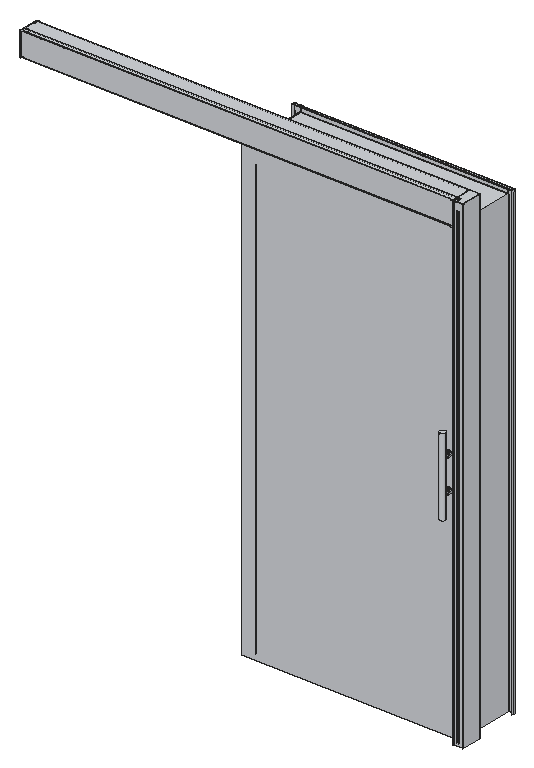
Revit family "R0000102", category Türen, Revit 2021
Family settings
  Basisbauteil = Wand
  Immer vertikal = Ja
  Beim Laden mit Abzugskörper schneiden = Nein
  Gemeinsam genutzt = Nein
  Raumberechnungspunkt = Ja
Parameters (values of type "BOS SvdW-D Typ42 SK2 für Ständerwerk als Schallschutzelement mit NOVA 150 BOS Holz")
  Grifftiefe = 60 mm  # constant formula
  Material - Türgriff = none
  Info-Texte sichtbar = yes
  Grifflänge = 350 mm  # constant formula
  Feuchte-/Nässeschutzklasse [instance] = if([Feuchte-/Nässeschutzanforderung] < 1, 0, 1)  # 0
  Feuchte-/Nässeschutzanforderung - Auswahl [instance] = if([Feuchte-/Nässeschutzanforderung] < 1, "Keine", "FR")  # "Keine"
  Feuchte-/Nässeschutzanforderung [instance] = 0
  Türblatt - Auswahl = "Typ42"  # constant formula
  Schallschutzanforderung - Auswahl [instance] = "SK2"  # constant formula
  Schallschutzanforderung [instance] = 2  # constant formula
  Griffradius = 12.5 mm  # constant formula
  Führungsnutbreite = 18 mm  # constant formula
  Führungsnuttiefe = 36 mm  # constant formula
  Türblatt geöffnet in ...% LDB effektiv [instance] = if(Türblatt geöffnet in ...% LDB effektiv  Doorleaf opened in ...% Real Clearance Width < 0, 0, if(Türblatt geöffnet in ...% LDB effektiv  Doorleaf opened in ...% Real Clearance Width > 100, 100, Türblatt geöffnet in ...% LDB effektiv  Doorleaf opened in ...% Real Clearance Width))  # 0
  Türblatt geöffnet in ...% LDB effektiv  Doorleaf opened in ...% Real Clearance Width [instance] = 0
  Wandöffnung unter OFF [instance] = [Fußbodenaufbau - Auswahl] > 0 mm  # no
  Wandöffnung unten [instance] = -if([Fußbodenaufbau - Auswahl] = 0 mm, 1 mm, [Fußbodenaufbau - Auswahl])  # -1 mm
  Spiegel hinten min. = 30 mm  # constant formula
  Spiegel hinten max. = 80 mm  # constant formula
  Theoretisches Rohbaumaß Höhe   Theoretical Wall Opening Height Measurement [instance] = LDH effektiv Lichte Durchgangs Höhe effektiv   Real Clearance Height + Einfügepunkt oben  # 2115 mm
  Theoretisches Rohbaumaß Breite   Theoretical Wall Opening Width Measurement [instance] = LDB Lichte Durchgangs Breite   Clearance Width + (2 * Einfügepunkt)  # 996 mm
  SvdW-D Typ42 SK2 mit NOVA 150 BOS Holz = yes
  Türblatteinstand [instance] = if(DIN rechts   DIN Right, 14 mm, Spiegel vorne STR)  # 14 mm
  Variante - Auswahl [instance] = if(Standardmaße, "Standardmaße", "Sondermaße")  # "Standardmaße"
  Spiegel vorne KS [instance] = 30 mm  # constant formula
  Spiegel vorne STR [instance] = if(DIN links   DIN Left, 40 mm, 43.5 mm)  # 43.5 mm
  Spiegel vorne STL [instance] = if(DIN rechts   DIN Right, 40 mm, 43.5 mm)  # 40 mm
  STR-länge [instance] = LDH effektiv Lichte Durchgangs Höhe effektiv   Real Clearance Height  # 2093 mm
  STL-länge [instance] = LDH effektiv Lichte Durchgangs Höhe effektiv   Real Clearance Height  # 2093 mm
  Putzwinkel vorne KS = 17 mm  # constant formula
  Putzwinkel vorne STR = 17 mm  # constant formula
  Putzwinkel vorne STL = 14 mm  # constant formula
  Putzwinkel vorne AP = 15 mm  # constant formula
  Putzwinkel hinten min. = 9 mm  # constant formula
  Putzwinkel hinten max. = 28 mm  # constant formula
  Material - Dichtung = none
  KS-länge [instance] = LDB Lichte Durchgangs Breite   Clearance Width  # 936 mm
  Griffhöhe = 1068 mm  # constant formula
  Dornmaß = 55 mm  # constant formula
  GT min. [instance] = Putzwinkel hinten min. + MW min. + if(DIN rechts   DIN Right, Putzwinkel vorne STR, Putzwinkel vorne STR)  # 126 mm
  GT max. [instance] = Putzwinkel hinten max. + MW max. + if(DIN rechts   DIN Right, Putzwinkel vorne STR, Putzwinkel vorne STR)  # 605 mm
  GT Profil STR [instance] = Putzwinkel hinten + MW Maulweite   Receiving Opening + 93.5 mm  # 308.5 mm
  GT Profil STL [instance] = Putzwinkel hinten + MW Maulweite   Receiving Opening + Putzwinkel vorne STL  # 229 mm
  Fußbodenaufbau - Auswahl [instance] = if(Fußbodenaufbau < 0 mm, 0 mm, if(Fußbodenaufbau > 150 mm, 150 mm, Fußbodenaufbau))  # 0 mm
  Fußbodenaufbau [instance] = 0 mm
  Fingerschutz-Abstand = Dornmaß - 14 mm  # 41 mm
  Einfügepunkt oben = 22 mm  # constant formula
  Material - Türblatt = none
  LDH effektiv Lichte Durchgangs Höhe effektiv   Real Clearance Height [instance] = if(Standardmaße, if(Standardmaß LDH effektiv Lichte Durchgangs Höhe effektiv   Real Clearance Height Choice < 2, 1968 mm, 2093 mm), if(Sondermaß LDH effektiv Lichte Durchgangs Höhe effektiv   Real Clearance Height Specification < LDH min., LDH min., if(Sondermaß LDH effektiv Lichte Durchgangs Höhe effektiv   Real Clearance Height Specification > LDH max., LDH max., Sondermaß LDH effektiv Lichte Durchgangs Höhe effektiv   Real Clearance Height Specification)))  # 2093 mm
  LDB effektiv Lichte Durchgangs Breite effektiv   Real Clearance Width [instance] = LDB Lichte Durchgangs Breite   Clearance Width - [Fingerschutz-Abstand] - Dornmaß  # 840 mm
  NOVA 150 BOS Holz = [SvdW-D Typ42 SK2 mit NOVA 150 BOS Holz]  # yes
  Zargenblechstärke = 1.5 mm  # constant formula
  Türblattreferenz [instance] = TAB Türblatt Außenmaß Breite - if(DIN rechts   DIN Right, Spiegel vorne STL, 14 mm) - (if(DIN links   DIN Left, -1, 1) * Türblatt geöffnet in ...% LDB effektiv * (LDB effektiv Lichte Durchgangs Breite effektiv   Real Clearance Width - [Fingerschutz-Abstand] + Dornmaß) / 100)  # 950 mm
  Türblattabstand unten [instance] = 9.5 mm  # constant formula
  TAH Türblatt_Außenmaß_Höhe   Door Leaf Overall Height Measurement [instance] = LDH effektiv Lichte Durchgangs Höhe effektiv   Real Clearance Height + 17 mm  # 2110 mm
  TAH Türblatt Außenmaß Höhe [instance] = TAH Türblatt_Außenmaß_Höhe   Door Leaf Overall Height Measurement  # 2110 mm
  TAB Türblatt_Außenmaß_Breite   Door Leaf Overall Width Measurement [instance] = LDB Lichte Durchgangs Breite   Clearance Width + 54 mm  # 990 mm
  TAB Türblatt Außenmaß Breite [instance] = TAB Türblatt_Außenmaß_Breite   Door Leaf Overall Width Measurement  # 990 mm
  Standardmaße [instance] = yes
  Sondermaße [instance] = not(Standardmaße)  # no
  Putzwinkel hinten   Backbend Back [instance] = 15 mm  # constant formula
  Wandstärke   Wall Thickness [instance] = 200 mm
  Material - Laufschiene = none
  Laufkastenlänge [instance] = AMB Außenmaß_Breite   Overall Width Measurement - 46.5 mm  # 1955.5 mm
  LDB Lichte Durchgangs Breite   Clearance Width [instance] = if(Standardmaße, if(Standardmaß LDB Lichte Durchgangs Breite   Clearance Width Choice < 2, 686 mm, if(Standardmaß LDB Lichte Durchgangs Breite   Clearance Width Choice = 2, 811 mm, if(Standardmaß LDB Lichte Durchgangs Breite   Clearance Width Choice = 3, 936 mm, if(Standardmaß LDB Lichte Durchgangs Breite   Clearance Width Choice = 4, 1061 mm, 1186 mm)))), if(Sondermaß LDB Lichte Durchgangs Breite   Clearance Width Specification < LDB min., LDB min., if(Sondermaß LDB Lichte Durchgangs Breite   Clearance Width Specification > LDB max., LDB max., Sondermaß LDB Lichte Durchgangs Breite   Clearance Width Specification)))  # 936 mm
  URL = "www.BestOfSteel.de/stahlzargen/zargen-fuer-schiebetueren/lineaoutside/lineaoutside-d"
  Türblattstärke = if(TB = 1, 42 mm, 42 mm)  # 42 mm
  Türblattversatz [instance] = (Wandstärke   Wall Thickness / 2) + 46 mm  # 146 mm
  Spiegel hinten   Architrave Back [instance] = 30 mm
  Spiegel hinten [instance] = if(Spiegel hinten   Architrave Back < Spiegel hinten min., Spiegel hinten min., if(Spiegel hinten   Architrave Back > Spiegel hinten max., Spiegel hinten max., Spiegel hinten   Architrave Back))  # 30 mm
  Rough Height = 0 mm  # constant formula
  Rough Width = 0 mm  # constant formula
  Rechtliche Hinweise [instance] = "www.BestOfSteel.de/tools-downloads/bim-building-information-modeling/"
  Putzwinkel hinten [instance] = if(Putzwinkel hinten   Backbend Back < Putzwinkel hinten min., Putzwinkel hinten min., if(Putzwinkel hinten   Backbend Back > Putzwinkel hinten max., Putzwinkel hinten max., Putzwinkel hinten   Backbend Back))  # 15 mm
  Modell = "SvdW-D Typ42 SK2 mit NOVA 150 BOS Holz"
  Material - Zarge = none
  Material = "grundiert, feuerverzinktes Feinblech nach DIN EN 10143"
  MW min. = 100 mm  # constant formula
  MW max. = 560 mm  # constant formula
  MW Maulweite   Receiving Opening [instance] = if(Wandstärke   Wall Thickness < MW min., MW min., if(Wandstärke   Wall Thickness > MW max., MW max., Wandstärke   Wall Thickness))  # 200 mm
  Information in English = no
  Height [instance] = Theoretisches Rohbaumaß Höhe   Theoretical Wall Opening Height Measurement  # 2115 mm
  Hersteller = "BOS GmbH Best Of Steel, Lütkenfelde 4, D-48282 Emsdetten"
  GT Gesamttiefe_Zarge   Total Profile Depth [instance] = Putzwinkel hinten + MW Maulweite   Receiving Opening + if(DIN rechts   DIN Right, Putzwinkel vorne STL, Putzwinkel vorne STR)  # 229 mm
  MW Fehler [instance] = or(Wandstärke   Wall Thickness < MW min., Wandstärke   Wall Thickness > MW max.)  # no
  Funktion = Innen
  LDH min. = 1843 mm  # constant formula
  LDH max. = 2218 mm  # constant formula
  LDB min. = 561 mm  # constant formula
  LDB max. = 1186 mm  # constant formula
  Einfügepunkt = 30 mm  # constant formula
  Griffstange = 1 < 2  # yes
  Dicke = 0 mm  # constant formula
  Dichtungsprofil 16 mm = 1 > 2  # no
  DIN rechts   DIN Right [instance] = yes
  DIN links   DIN Left [instance] = not(DIN rechts   DIN Right)  # no
  DIN Richtung [instance] = if(DIN links   DIN Left, "DIN links", "DIN rechts")  # "DIN rechts"
  Width = 0 mm  # constant formula
  Beschreibung = "Schiebetürzarge für vor der Wand laufende Schiebetüren (LineaOutside-D Typ42 SK2) für Ständerwerk als Schallschutzelement"
  Bauelement = "BOS Stahlzarge"
  BOS-Architekten-Beratung = "Tel.: +49 (0) 2572 203-203; E-Mail: architekten@BestOfSteel.de"
  BE Bodeneinstand   Foundation Bedding [instance] = 0 mm
  BE Bodeneinstand [instance] = if(BE Bodeneinstand   Foundation Bedding < 0 mm, 0 mm, if(BE Bodeneinstand   Foundation Bedding > BE max., BE max., BE Bodeneinstand   Foundation Bedding))  # 0 mm
  BE max. = 100 mm  # constant formula
  Standardmaß LDH effektiv Lichte Durchgangs Höhe effektiv   Real Clearance Height Choice [instance] = 2
  Sondermaß LDH effektiv Lichte Durchgangs Höhe effektiv   Real Clearance Height Specification [instance] = 2093 mm
  Sondermaß LDB Lichte Durchgangs Breite   Clearance Width Specification [instance] = 936 mm
  Standardmaß LDB Lichte Durchgangs Breite   Clearance Width Choice [instance] = 3
  Technische Infos rund um die Stahlzarge = "www.BestOfSteel.de/tools-downloads/technische-infos-rund-um-die-stahlzarge/"
  Aufdopplungstiefe = 3 mm  # constant formula
  Aufdopplungslage [instance] = if(DIN rechts   DIN Right, TAB Türblatt Außenmaß Breite - Spiegel vorne STL, 0 mm)  # 950 mm
  Aufdopplungsbreite [instance] = 40 mm  # constant formula
  Aufdopplung = 1 < 2  # yes
  Anschlagprofillage [instance] = if(DIN rechts   DIN Right, LDB Lichte Durchgangs Breite   Clearance Width, 0 mm)  # 936 mm
  Anschlagprofilbreite = 95 mm  # constant formula
  Anschlagprofillänge [instance] = LDH effektiv Lichte Durchgangs Höhe effektiv   Real Clearance Height + 110 mm  # 2203 mm
  Anforderungen - Auswahl [instance] = if([Feuchte-/Nässeschutzanforderung] < 1, "SK2", "SK2 und FR")  # "SK2"
  AMH Außenmaß_Höhe   Overall Height Measurement [instance] = LDH effektiv Lichte Durchgangs Höhe effektiv   Real Clearance Height + 110 mm  # 2203 mm
  AMB Außenmaß_Breite   Overall Width Measurement [instance] = (2 * LDB Lichte Durchgangs Breite   Clearance Width) + 130 mm  # 2002 mm
  Schallschutzklasse [instance] = if(Schallschutzanforderung < 1, 0, 2)  # 2
  TB = if([SvdW-D Typ42 SK2 mit NOVA 150 BOS Holz], 1, 1)  # 1
  1-Kammer-Dichtung = [SvdW-D Typ42 SK2 mit NOVA 150 BOS Holz]  # yes
Reference planes
  plane 1 "Wand": y = 0
  plane 2 "Mitte (Links/rechts)": x = 125
  plane 3 "Hinten": y = 100
  plane 4 "Vorne": y = -100
  plane 5 "TRB links": x = -373
  plane 6 "TRB rechts": x = 623
  plane 7 "TRH oben": z = 2115
  plane 8 "BE": z = 0
  plane 9 "LDH oben": z = 2093
  plane 10 "BE max.": z = -100
  plane 11 "LDB links": x = -343
  plane 12 "LDB rechts": x = 593
  plane 13 "OFF": z = 0
  plane 14 "Türblattachse": y = -146
Forms (mm)
  Extrusion 1, void
    sketch origin (0, 0, 0) x (-1, 0, 0) y (0, -1, 0)
      loop
        line (373, -100) -> (373, 100) -> (-623, 100) -> (-623, -100) -> (373, -100)
    from 0 to -1 <- "Wandöffnung unten"
  Sweep 2, void
    path origin (0, -100, 0) x (-1, 0, 0) y (0, 0, 1)
      loop
        line (373, 0) -> (373, 2115) -> (-125, 2115)
    profile origin (-373, -100, 1057.5) x (1, 0, 0) y (0, 1, 0)
      loop
        line (498, 200) -> (20, 200) -> (20, 175) -> (0, 175) -> (0, 25) -> (20, 25) -> (20, 0) -> (498, 0) -> (498, 200)
  Sweep 3, void
    path origin (0, -100, 0) x (-1, 0, 0) y (0, 0, 1)
      loop
        line (-623, 0) -> (-623, 2115) -> (-125, 2115)
    profile origin (623, -100, 1057.5) x (1, 0, 0) y (0, 1, 0)
      loop
        line (-498, 200) -> (-498, 0) -> (-20, 0) -> (-20, 25) -> (0, 25) -> (0, 175) -> (-20, 175) -> (-20, 200) -> (-498, 200)
Lines and regions (mm)
  reference lines
    curve 1: line (65, 650, 0) -> (185, 650, 0)
    curve 2: line (65, -650, 0) -> (185, -650, 0)
    curve 3: line (1123, 100, 0) -> (1123, -100, 0)
Text (mm)
  text "Außen     " at (-1696.17, 830.944, 0), in view "Ref.-Ebene"
  text "Außen" at (0, 1409.804, 2854.306), in view "Links"
  text "Placement side" at (0, 499.811, 2980.732), in view "Rechts"
Dimensions and locks
  locked: plane 3 "Hinten" to host wall
  locked: host wall to plane 4 "Vorne"
  level to plane 7 "TRH oben" = 2115 mm
  equal spacing: plane 5 "TRB links", plane 2 "Mitte (Links/rechts)", plane 6 "TRB rechts"
  "Wandstärke   Wall Thickness": host wall to host wall
  "LDH effektiv Lichte Durchgangs Höhe effektiv   Real Clearance Height": plane 9 "LDH oben" to plane 13 "OFF"
  "Theoretisches Rohbaumaß Höhe   Theoretical Wall Opening Height Measurement": plane 7 "TRH oben" to plane 13 "OFF"
  "Theoretisches Rohbaumaß Breite   Theoretical Wall Opening Width Measurement": plane 5 "TRB links" to plane 6 "TRB rechts"
  curve 2 to plane 4 "Vorne" to plane 3 "Hinten" to curve 1 = 550 mm, 200 mm, 550 mm
  equal spacing: plane 11 "LDB links", plane 2 "Mitte (Links/rechts)", plane 12 "LDB rechts"
  "LDB Lichte Durchgangs Breite   Clearance Width": plane 11 "LDB links" to plane 12 "LDB rechts"
  plane 6 "TRB rechts" to curve 3 = 500 mm
  "Fußbodenaufbau - Auswahl": plane 13 "OFF" to level
  "BE Bodeneinstand": plane 13 "OFF" to plane 8 "BE"
  "Türblattversatz": plane 14 "Türblattachse" to host wall
  "BE max.": level to plane 10 "BE max."
  aligned and locked: plane 1 "Wand" to host wall
  aligned and locked: plane 5 "TRB links" to Extrusion 1 sketch curve
  aligned and locked: Extrusion 1 sketch curve to plane 6 "TRB rechts"
  aligned and locked: plane 4 "Vorne" to Extrusion 1 sketch curve
  aligned and locked: plane 3 "Hinten" to Extrusion 1 sketch curve
  aligned and locked: plane 9 "LDH oben" to nested 1
  aligned and locked: plane 4 "Vorne" to nested 1
  aligned and locked: plane 2 "Mitte (Links/rechts)" to nested 1
  aligned and locked: plane 3 "Hinten" to curve 3
  aligned and locked: plane 4 "Vorne" to curve 3
  aligned and locked: nested 2 to plane 4 "Vorne"
  aligned and locked: plane 2 "Mitte (Links/rechts)" to nested 2
  aligned and locked: plane 6 "TRB rechts" to nested 4
  aligned and locked: plane 4 "Vorne" to nested 4
  aligned and locked: nested 3 to plane 4 "Vorne"
  aligned and locked: Sweep 2 sketch curve to plane 7 "TRH oben"
  aligned and locked: plane 2 "Mitte (Links/rechts)" to Sweep 2 sketch curve
  aligned and locked: plane 5 "TRB links" to Sweep 2 sketch curve
  aligned and locked: plane 13 "OFF" to Sweep 2 sketch curve
  aligned and locked: nested 3 to Sweep 2 sketch curve  (x2)
  aligned and locked: Sweep 2 sketch curve to nested 3  (x4)
  aligned and locked: Sweep 2 sketch curve to plane 2 "Mitte (Links/rechts)"
  aligned and locked: plane 4 "Vorne" to Sweep 2 sketch curve
  aligned and locked: plane 7 "TRH oben" to Sweep 3 sketch curve
  aligned and locked: plane 2 "Mitte (Links/rechts)" to Sweep 3 sketch curve
  aligned and locked: plane 6 "TRB rechts" to Sweep 3 sketch curve
  aligned and locked: plane 13 "OFF" to Sweep 3 sketch curve
  aligned and locked: Sweep 3 sketch curve to plane 2 "Mitte (Links/rechts)"
  aligned and locked: Sweep 3 sketch curve to nested 4  (x7)
  aligned and locked: nested 5 to curve 3
  aligned and locked: plane 1 "Wand" to nested 5
  aligned and locked: plane 2 "Mitte (Links/rechts)" to nested 6
  aligned and locked: curve 1 to nested 6
  aligned and locked: curve 2 to nested 7
  aligned and locked: nested 7 to plane 2 "Mitte (Links/rechts)"
  aligned and locked: plane 11 "LDB links" to nested 8
  aligned and locked: nested 8 to plane 4 "Vorne"
  aligned and locked: plane 12 "LDB rechts" to nested 10
  aligned and locked: plane 4 "Vorne" to nested 10
  aligned and locked: plane 13 "OFF" to nested 8
  aligned and locked: nested 10 to plane 13 "OFF"
  aligned and locked: nested 11 to plane 13 "OFF"
  aligned and locked: plane 13 "OFF" to nested 9
  aligned and locked: plane 11 "LDB links" to nested 9
  aligned and locked: plane 12 "LDB rechts" to nested 11
  aligned and locked: nested 9 to plane 4 "Vorne"
  aligned and locked: plane 4 "Vorne" to nested 11
  aligned and locked: nested 12 to plane 4 "Vorne"
  aligned and locked: plane 12 "LDB rechts" to nested 12
  aligned and locked: plane 4 "Vorne" to nested 13
  aligned and locked: plane 11 "LDB links" to nested 13
  aligned and locked: plane 5 "TRB links" to nested 3
  aligned and locked: plane 14 "Türblattachse" to nested 14
  aligned and locked: plane 11 "LDB links" to nested 14
  aligned and locked: nested 2 to nested 15  (x2)
Automatic sketch dimensions
  plane 2 "Mitte (Links/rechts)" to curve 1 = 60 mm
  plane 2 "Mitte (Links/rechts)" to curve 2 = 60 mm
  curve 1 to plane 2 "Mitte (Links/rechts)" = 60 mm
  curve 2 to plane 2 "Mitte (Links/rechts)" = 60 mm
Nested families
  nested 1: "BOS-Laufkasten-(w)SvdW-D(SK2)_Modell-21" at (29.653, -64.347, 2122.996), type "Laufkasten", detail levels medium+fine
    with TSExtrusionsbeginn -1484.5 mm, TSExtrusionsende 464 mm, Laufkastenlänge 1955.5 mm, N355-Extrusionsende 436 mm, N355-Extrusionsbeginn -1456.5 mm, LKExtrusionsende 466.5 mm, LKExtrusionsbeginn -1487 mm, LDB 936 mm
  nested 2: "BOS-Kopfstück-SvdW-D(SK2)_Modell-21" at (-47.574, -20.347, 2093), type "Kopfstück", detail levels medium+fine
    with Überstand rechts 30 mm, Überstand links 30 mm, Spiegel hinten 30 mm, Elementlänge 936 mm
  nested 3: "BOS-Bügelanker-eckig_Detail-21" at (-373, -100, 0), type "BOS-Bügelanker-eckig_Detail-21", detail levels fine
    with Wandkern sichtbar no, Unterfütteung sichtbar no, Unterfütterungsstärke 0 mm, Unterfütterung 2 mm, Unterfüttert no, Ankerlasche hinten 42 mm, Ankerabstand vorne 27 mm, Falzaufschlag gesamt 0 mm, Beplankungsabstand vorne 2 10 mm, Beplankungsabstand hinten 2 10 mm, Acrylfuge vorne sichtbar no, Acrylfuge hinten sichtbar no
  nested 4: "BOS-Bügelanker-eckig_Detail-21" at (623, -100, 0) x (-1, 0, 0) z (0, 0, 1), type "BOS-Bügelanker-eckig_Detail-21", detail levels fine
    with Wandkern sichtbar no, Unterfütteung sichtbar no, Unterfütterungsstärke 0 mm, Unterfütterung 2 mm, Unterfüttert no, Ankerlasche hinten 42 mm, Ankerabstand vorne 27 mm, Falzaufschlag gesamt 0 mm, Beplankungsabstand vorne 2 10 mm, Beplankungsabstand hinten 2 10 mm, Acrylfuge vorne sichtbar no, Acrylfuge hinten sichtbar no
  nested 5: "BOS-Info-Texte_Beschriftung-21" at (1123, -0.955, 0), visible <- "MW Fehler", type "Maulweite Fehlermeldung"
  nested 6: "BOS-Info-Texte_Beschriftung-21" at (125, 649.045, 0), visible <- "Info-Texte sichtbar", type "Technische Hinweise"
  nested 7: "BOS-Info-Texte_Beschriftung-21" at (125, -650.955, 0), visible <- "Info-Texte sichtbar", type "Rechtliche Hinweise"
  nested 8: "BOS-Seitenteil-SvdW-D(SK2)_Modell-21" at (-438.347, -20.347, -0.004), visible <- "DIN rechts   DIN Right", type "Seitenteil links", detail levels medium+fine
    with Elementlänge 2093 mm, BE Bodeneinstand 0 mm
  nested 9: "BOS-Seitenteil-SvdW-D(SK2)_Modell-21" at (-438.347, -20.347, -0.004), visible <- "DIN links   DIN Left", type "Seitenteil rechts", detail levels medium+fine
    with Elementlänge 2093 mm, BE Bodeneinstand 0 mm
  nested 10: "BOS-Seitenteil-SvdW-D(SK2)_Modell-21" at (688.347, -20.347, -0.004) x (-1, 0, 0) z (0, 0, 1), visible <- "DIN links   DIN Left", type "Seitenteil links", detail levels medium+fine
    with Elementlänge 2093 mm, BE Bodeneinstand 0 mm
  nested 11: "BOS-Seitenteil-SvdW-D(SK2)_Modell-21" at (688.347, -20.347, -0.004) x (-1, 0, 0) z (0, 0, 1), visible <- "DIN rechts   DIN Right", type "Seitenteil rechts", detail levels medium+fine
    with Elementlänge 2093 mm, BE Bodeneinstand 0 mm
  nested 12: "BOS-Anschlagprofil-(w)SvdW-D(SK2)_Modell-21" at (497.653, -20.347, 0), visible <- "DIN rechts   DIN Right", type "Anschlagprofil", detail levels medium+fine
    with Dichtungsprofil 16 mm no, 1-Kammer-Dichtung yes
  nested 13: "BOS-Anschlagprofil-(w)SvdW-D(SK2)_Modell-21" at (-247.653, -20.347, 0.004) x (-1, 0, 0) z (0, 0, 1), visible <- "DIN links   DIN Left", type "Anschlagprofil", detail levels medium+fine
    with Dichtungsprofil 16 mm no, 1-Kammer-Dichtung yes
  nested 14: "JW-Türblatt-Schiebetürzargen_Modell-21" at (-414, -255, 0), type "JW Typ42 SK2 Professional", detail levels medium+fine
    with Türblattreferenz 950 mm, Grifftiefe 36 mm, Griffposition 935 mm, Griffhöhe 1068 mm, TAB Türblatt Außenmaß Breite 990 mm, Bekleidung 0.5 mm, Aufdopplungslage 950 mm
  nested 15: "BOS-Logo_Modell-21" at (-364.5, 100, 0), type "BOS-Logo_Modell-21", detail levels fine
Definition of nested family "BOS-Laufkasten-(w)SvdW-D(SK2)_Modell-21"
  Parameters (values of type "BOS-Laufkasten-(w)SvdW-D_Modell-21")
    Default Elevation = 1219.2 mm
    URL = "www.BestOfSteel.de"
    Trägerschienenabstand = 2.5 mm  # constant formula
    Technische Infos rund um die Stahlzarge = "www.BestOfSteel.de/tools-downloads/technische-infos-rund-um-die-stahlzarge"
    TSExtrusionsbeginn = LKExtrusionsbeginn + Trägerschienenabstand  # -217 mm
    TSExtrusionsende = LKExtrusionsende - Trägerschienenabstand  # 56 mm
    Rechtliche Hinweise = "www.BestOfSteel.de/tools-downloads/bim-building-information-modeling"
    Material - Zarge = none
    Material - Laufschiene = none
    Laufschienenabstand = if([Laufschiene N355 (NOVA 150)], 28 mm, 28 mm)  # 28 mm
    Laufschiene N355 (NOVA 150) = yes
    Laufkastenlänge = 280 mm
    Laufkastenendkappenstärke = 2 mm
    N355-Extrusionsende = TSExtrusionsende - Laufschienenabstand  # 28 mm
    N355-Extrusionsbeginn = TSExtrusionsbeginn + Laufschienenabstand  # -189 mm
    LKExtrusionsende = if(DIN links, (Laufkastenlänge - Laufkastenendkappenstärke - LDB / 2 + 1.5 mm), LDB / 2 - 1.5 mm)  # 58.5 mm
    LKExtrusionsbeginn = if(DIN rechts, -(Laufkastenlänge - Laufkastenendkappenstärke - LDB / 2 + 1.5 mm), -LDB / 2 + 1.5 mm)  # -219.5 mm
    LDB = 120 mm
    DIN rechts = yes
    DIN links = no
    Description = "Laufkasten (w)SvdW-D"
    Keynote = "BOS Laufkasten"
    BOS-Architekten-Beratung = "Tel.: +49 (0) 2572 203-203; E-Mail: architekten@BestOfSteel.de"
  Reference planes
    plane 1 "Achse Laufschiene": y = -79.653
    plane 2 "Spiegel vorne oben": z = 0.004
    plane 3 "Mitte (Zarge)": x = 95.347
    plane 4 "LDB links/rechts": x = 35.347
    plane 5 "LDB rechts/links": x = 155.347
    plane 6 "AMH oben": z = 80.004
    plane 7 "Außen": y = -130.653
    plane 8 "Wand": y = -35.653
    plane 9 "LK unten": z = -29.996
  Forms (mm)
    Extrusion 1, solid, material <- "Material - Zarge"
      sketch origin (95.347, 0, -28.996) x (0, 1, 0) y (0, 0, 1)
        loop
          line (-38.653, 107.5) -> (-107.653, 107.5) -> (-107.653, 109) -> (-126.653, 109)
          arc (-126.653, 109) -> (-128.42, 108.268) -> (-129.153, 106.5) r 2.5
          line (-129.153, 106.5) -> (-129.153, 1.5)
          arc (-129.153, 1.5) -> (-128.42, -0.268) -> (-126.653, -1) r 2.5
          line (-126.653, -1) -> (-111.153, -1)
          arc (-111.153, -1) -> (-109.385, -0.268) -> (-108.653, 1.5) r 2.5
          line (-108.653, 1.5) -> (-108.653, 6.5) -> (-110.153, 6.5) -> (-110.153, 1.5)
          arc (-110.153, 1.5) -> (-110.446, 0.793) -> (-111.153, 0.5) r 1
          line (-111.153, 0.5) -> (-126.653, 0.5)
          arc (-126.653, 0.5) -> (-127.36, 0.793) -> (-127.653, 1.5) r 1
          line (-127.653, 1.5) -> (-127.653, 79.5) -> (-125.653, 79.5) -> (-125.653, 104.5)
          arc (-125.653, 104.5) -> (-125.36, 105.207) -> (-124.653, 105.5) r 1
          line (-124.653, 105.5) -> (-38.653, 105.5)
          arc (-38.653, 105.5) -> (-37.946, 105.207) -> (-37.653, 104.5) r 1
          line (-37.653, 104.5) -> (-37.653, 32)
          arc (-37.653, 32) -> (-37.946, 31.293) -> (-38.653, 31) r 1
          line (-38.653, 31) -> (-52.653, 31) -> (-52.653, 29) -> (-38.653, 29)
          arc (-38.653, 29) -> (-36.531, 29.879) -> (-35.653, 32) r 3
          line (-35.653, 32) -> (-35.653, 104.5)
          arc (-35.653, 104.5) -> (-36.531, 106.621) -> (-38.653, 107.5) r 3
      from -219.5 <- "LKExtrusionsbeginn" to 58.5 <- "LKExtrusionsende"
    Extrusion 2, solid, material <- "Material - Zarge"
      sketch origin (95.347, 0, 15.692) x (0, 1, 0) y (0, 0, 1)
        loop
          line (-55.153, 58.312) -> (-38.653, 58.312) -> (-38.653, 60.312) -> (-55.153, 60.312)
          arc (-55.153, 60.312) -> (-57.981, 59.14) -> (-59.153, 56.312) r 4
          line (-59.153, 56.312) -> (-59.153, 49.312)
          arc (-59.153, 49.312) -> (-59.738, 47.898) -> (-61.153, 47.312) r 2
          line (-61.153, 47.312) -> (-98.153, 47.312)
          arc (-98.153, 47.312) -> (-99.567, 47.898) -> (-100.153, 49.312) r 2
          line (-100.153, 49.312) -> (-100.153, 56.312)
          arc (-100.153, 56.312) -> (-101.324, 59.14) -> (-104.153, 60.312) r 4
          line (-104.153, 60.312) -> (-116.153, 60.312) -> (-116.153, 58.312) -> (-104.153, 58.312)
          arc (-104.153, 58.312) -> (-102.738, 57.726) -> (-102.153, 56.312) r 2
          line (-102.153, 56.312) -> (-102.153, 49.312)
          arc (-102.153, 49.312) -> (-100.981, 46.484) -> (-98.153, 45.312) r 4
          line (-98.153, 45.312) -> (-61.153, 45.312)
          arc (-61.153, 45.312) -> (-58.324, 46.484) -> (-57.153, 49.312) r 4
          line (-57.153, 49.312) -> (-57.153, 56.312)
          arc (-57.153, 56.312) -> (-56.567, 57.726) -> (-55.153, 58.312) r 2
      from -217 <- "TSExtrusionsbeginn" to 56 <- "TSExtrusionsende"
    Extrusion 3, solid, material <- "Material - Laufschiene"
      sketch origin (95.347, 0, 15.692) x (0, 1, 0) y (0, 0, 1)
        loop
          line (-61.903, 45.312) -> (-97.403, 45.312) -> (-97.403, -0.188) -> (-88.403, -0.188) -> (-88.403, 7.312) -> (-94.903, 9.678) -> (-94.903, 33.124) -> (-88.767, 35.357) -> (-88.767, 42.812) -> (-72.403, 42.812) -> (-72.403, 36.035) -> (-64.403, 33.124) -> (-64.403, 9.678) -> (-70.903, 7.312) -> (-70.903, -0.188) -> (-61.903, -0.188) -> (-61.903, 45.312)
      from -189 <- "N355-Extrusionsbeginn" to 28 <- "N355-Extrusionsende"
    Extrusion 4, solid, material <- "Material - Zarge", visible <- "DIN rechts"
      sketch origin (95.347, 0, -1.5) x (0, 1, 0) y (0, 0, 1)
        loop
          line (-38.653, 80.004) -> (-126.653, 80.004)
          arc (-126.653, 80.004) -> (-128.444, 78.982) -> (-129.153, 77.046) r 3
          line (-129.153, 77.046) -> (-129.153, -26.996)
          arc (-129.153, -26.996) -> (-128.274, -29.118) -> (-126.153, -29.996) r 3
          line (-126.153, -29.996) -> (-38.653, -29.996)
          arc (-38.653, -29.996) -> (-36.531, -29.118) -> (-35.653, -26.996) r 3
          line (-35.653, -26.996) -> (-35.653, 77.004)
          arc (-35.653, 77.004) -> (-36.531, 79.125) -> (-38.653, 80.004) r 3
      from -221.5 to -219.5
    Extrusion 5, solid, material <- "Material - Zarge", visible <- "DIN links"
      sketch origin (95.347, 0, -1.5) x (0, 1, 0) y (0, 0, 1)
        loop
          line (-38.653, 80.004) -> (-126.653, 80.004)
          arc (-126.653, 80.004) -> (-128.444, 78.982) -> (-129.153, 77.046) r 3
          line (-129.153, 77.046) -> (-129.153, -26.996)
          arc (-129.153, -26.996) -> (-128.274, -29.118) -> (-126.153, -29.996) r 3
          line (-126.153, -29.996) -> (-38.653, -29.996)
          arc (-38.653, -29.996) -> (-36.531, -29.118) -> (-35.653, -26.996) r 3
          line (-35.653, -26.996) -> (-35.653, 77.004)
          arc (-35.653, 77.004) -> (-36.531, 79.125) -> (-38.653, 80.004) r 3
      from 58.5 to 60.5
  Dimensions and locks
    "LDB": plane 5 "LDB rechts/links" to plane 4 "LDB links/rechts"
    equal spacing: plane 5 "LDB rechts/links", plane 3 "Mitte (Zarge)", plane 4 "LDB links/rechts"
    plane 6 "AMH oben" to plane 9 "LK unten" = 110 mm
    plane 8 "Wand" to plane 7 "Außen" = 95 mm  (x2)
    plane 8 "Wand" to plane 1 "Achse Laufschiene" = 44 mm
    plane 6 "AMH oben" to plane 2 "Spiegel vorne oben" = 80 mm
    "Laufkastenendkappenstärke": Extrusion 4 to Extrusion 4
    "Laufkastenendkappenstärke": Extrusion 5 to Extrusion 5
    aligned and locked: plane 2 "Spiegel vorne oben" to level
    aligned and locked: Extrusion 4 to Extrusion 1
    aligned and locked: Extrusion 5 to Extrusion 1
  Automatic sketch dimensions
    Extrusion 1 sketch curve to Extrusion 1 sketch curve = 0 mm  (x10)
    plane 7 "Außen" to Extrusion 1 sketch curve = 1.5 mm
    Extrusion 1 sketch curve to Extrusion 1 sketch curve = 1.5 mm
    Extrusion 1 sketch curve to Extrusion 1 sketch curve = 1 mm  (x5)
    Extrusion 1 sketch curve to Extrusion 1 sketch curve = 15.5 mm
    Extrusion 1 sketch curve to Extrusion 1 sketch curve = 17 mm
    Extrusion 1 sketch curve to plane 6 "AMH oben" = 80 mm
    plane 7 "Außen" to Extrusion 1 sketch curve = 78 mm
    plane 7 "Außen" to Extrusion 1 sketch curve = 92 mm
    Extrusion 1 sketch curve to Extrusion 1 sketch curve = 14 mm
    Extrusion 1 sketch curve to Extrusion 1 sketch curve = 2 mm  (x2)
    Extrusion 1 sketch curve to plane 6 "AMH oben" = 102.5 mm
    Extrusion 1 sketch curve to plane 6 "AMH oben" = 29.5 mm
    Extrusion 1 sketch curve to Extrusion 1 sketch curve = 72.5 mm
    Extrusion 2 sketch curve to Extrusion 2 sketch curve = 0 mm  (x8)
    plane 7 "Außen" to Extrusion 2 sketch curve = 14.5 mm
    Extrusion 2 sketch curve to Extrusion 2 sketch curve = 12 mm
    Extrusion 2 sketch curve to Extrusion 2 sketch curve = 2 mm  (x5)
    Extrusion 2 sketch curve to plane 1 "Achse Laufschiene" = 18.5 mm
    Extrusion 2 sketch curve to plane 8 "Wand" = 3 mm
    Extrusion 2 sketch curve to plane 6 "AMH oben" = 19 mm
    Extrusion 2 sketch curve to Extrusion 2 sketch curve = 7 mm  (x2)
    Extrusion 3 sketch curve to plane 6 "AMH oben" = 19 mm
    plane 7 "Außen" to Extrusion 3 sketch curve = 33.25 mm
    Extrusion 3 sketch curve to plane 6 "AMH oben" = 54.634 mm
    Extrusion 3 sketch curve to Extrusion 3 sketch curve = 2.5 mm
    Extrusion 3 sketch curve to Extrusion 3 sketch curve = 6.5 mm  (x2)
    Extrusion 3 sketch curve to Extrusion 3 sketch curve = 6.135 mm
    Extrusion 3 sketch curve to plane 6 "AMH oben" = 21.5 mm
    Extrusion 3 sketch curve to Extrusion 3 sketch curve = 16.365 mm
    Extrusion 3 sketch curve to Extrusion 3 sketch curve = 17.5 mm
    Extrusion 3 sketch curve to Extrusion 3 sketch curve = 10.5 mm
    Extrusion 3 sketch curve to Extrusion 3 sketch curve = 0 mm
    Extrusion 3 sketch curve to Extrusion 3 sketch curve = 2.366 mm  (x2)
    Extrusion 3 sketch curve to Extrusion 3 sketch curve = 7.5 mm  (x2)
    Extrusion 3 sketch curve to plane 6 "AMH oben" = 31.188 mm  (x2)
    Extrusion 3 sketch curve to Extrusion 3 sketch curve = 7.455 mm
    Extrusion 3 sketch curve to Extrusion 3 sketch curve = 6.777 mm
    Extrusion 1 sketch curve to plane 6 "AMH oben" = 0 mm
    Extrusion 1 sketch curve to plane 9 "LK unten" = 0 mm
    Extrusion 4 sketch curve to plane 8 "Wand" = 0 mm
    Extrusion 4 sketch curve to plane 6 "AMH oben" = 1.5 mm
    Extrusion 4 sketch curve to plane 8 "Wand" = 3 mm  (x2)
    Extrusion 4 sketch curve to plane 9 "LK unten" = 1.5 mm
    plane 7 "Außen" to Extrusion 4 sketch curve = 4.5 mm
    plane 7 "Außen" to Extrusion 4 sketch curve = 1.5 mm
    Extrusion 4 sketch curve to Extrusion 4 sketch curve = 2.958 mm
    plane 7 "Außen" to Extrusion 4 sketch curve = 4 mm
    Extrusion 5 sketch curve to plane 8 "Wand" = 0 mm
    Extrusion 5 sketch curve to plane 8 "Wand" = 3 mm  (x2)
    plane 7 "Außen" to Extrusion 5 sketch curve = 4.5 mm  (x2)
    Extrusion 5 sketch curve to Extrusion 5 sketch curve = 0.5 mm
    plane 7 "Außen" to Extrusion 5 sketch curve = 1.5 mm
    Extrusion 5 sketch curve to plane 6 "AMH oben" = 111.5 mm
    Extrusion 5 sketch curve to Extrusion 5 sketch curve = 104 mm
Definition of nested family "BOS-Kopfstück-SvdW-D(SK2)_Modell-21"
  Parameters (values of type "Kopfstück")
    Überstand rechts = Spiegel hinten  # 40 mm
    Überstand links = Spiegel hinten  # 40 mm
    Default Elevation = 1219.2 mm
    URL = "www.BestOfSteel.de"
    Technische Infos rund um die Stahlzarge = "www.BestOfSteel.de/tools-downloads/technische-infos-rund-um-die-stahlzarge"
    Spiegel vorne oben = 30 mm
    Spiegel hinten = 40 mm
    Rechtliche Hinweise = "www.BestOfSteel.de/tools-downloads/bim-building-information-modeling"
    Putzwinkel vorne KS = 17 mm
    Putzwinkel hinten = 15 mm
    Material - Dichtung = none
    MW Maulweite = 200 mm
    Material - Zarge = none
    GT Profil = Putzwinkel hinten + MW Maulweite + Putzwinkel vorne KS  # 232 mm
    Elementlänge = 300 mm
    Description = "SvdW-D(SK2)"
    Keynote = "BOS Kopfstück"
    BOS-Architekten-Beratung = "Tel.: +49 (0) 2572 203-203; E-Mail: architekten@BestOfSteel.de"
  Reference planes
    plane 1 "Vorne": y = -79.653
    plane 2 "LDH oben": z = 0.004
    plane 3 "Mitte (links/rechts)": x = 172.574
    plane 4: y = 120.347
    plane 5: y = -96.653
    plane 6: z = 30.004
    plane 7: z = 40.004
    plane 8: y = 133.847
    plane 9: y = 133.847
    plane 10: y = 135.347
    plane 11: x = 22.574
    plane 12: x = 322.574
    plane 13: x = -17.426
    plane 14: x = 362.574
  Forms (mm)
    Sweep 1, solid, material <- "Material - Zarge"
      path origin (56.303, -1524, 0.004) x (-1, 0, 0) y (0, -1, 0)
        loop
          line (73.728, -1444.347) -> (-306.272, -1444.347)
      profile "BOS-SvdW-D_Profil-21 : BOS-SvdW-D_Profil-21" origin (172.574, -79.653, 0.004) x (0, 1, 0) y (0, 0, 1)
        loop
          line (-14.25, 0) -> (212.5, 0)
          arc (212.5, 0) -> (214.268, 0.732) -> (215, 2.5) r 2.5
          line (215, 2.5) -> (215, 37.5)
          arc (215, 37.5) -> (214.268, 39.268) -> (212.5, 40) r 2.5
          line (212.5, 40) -> (200, 40) -> (200, 38.5) -> (212.5, 38.5)
          arc (212.5, 38.5) -> (213.207, 38.207) -> (213.5, 37.5) r 1
          line (213.5, 37.5) -> (213.5, 2.5)
          arc (213.5, 2.5) -> (213.207, 1.793) -> (212.5, 1.5) r 1
          line (212.5, 1.5) -> (-14.25, 1.5)
          arc (-14.25, 1.5) -> (-15.495, 2.865) -> (-14.021, 3.979) r 1.25
          line (-14.021, 3.979) -> (-9.051, 3.051)
          arc (-9.051, 3.051) -> (-6.583, 3.692) -> (-5.5, 6) r 3
          line (-5.5, 6) -> (-5.5, 14)
          arc (-5.5, 14) -> (-6.232, 15.768) -> (-8, 16.5) r 2.5
          line (-8, 16.5) -> (-14.5, 16.5)
          arc (-14.5, 16.5) -> (-15.207, 16.793) -> (-15.5, 17.5) r 1
          line (-15.5, 17.5) -> (-15.5, 27.5)
          arc (-15.5, 27.5) -> (-15.207, 28.207) -> (-14.5, 28.5) r 1
          line (-14.5, 28.5) -> (0, 28.5) -> (0, 30) -> (-14.5, 30)
          arc (-14.5, 30) -> (-16.268, 29.268) -> (-17, 27.5) r 2.5
          line (-17, 27.5) -> (-17, 17.5)
          arc (-17, 17.5) -> (-16.268, 15.732) -> (-14.5, 15) r 2.5
          line (-14.5, 15) -> (-8, 15)
          arc (-8, 15) -> (-7.293, 14.707) -> (-7, 14) r 1
          line (-7, 14) -> (-7, 6)
          arc (-7, 6) -> (-7.542, 4.846) -> (-8.775, 4.525) r 1.5
          line (-8.775, 4.525) -> (-13.745, 5.453)
          arc (-13.745, 5.453) -> (-16.988, 3.004) -> (-14.25, 0) r 2.75
    Extrusion 2, void
      sketch origin (0, -79.653, 0) x (1, 0, 0) y (0, 0, 1)
        loop
          line (-17.426, 38.504) -> (-17.426, 0.004) -> (22.574, 0.004) -> (22.574, 38.504) -> (-17.426, 38.504)
        loop
          line (322.574, 38.504) -> (322.574, 0.004) -> (362.574, 0.004) -> (362.574, 38.504) -> (322.574, 38.504)
      from -215 to 17
    Sweep 3, solid, material <- "Material - Dichtung"
      path origin (0, 0, 0.004) x (1, 0, 0) y (0, 1, 0)
        loop
          line (22.574, -79.653) -> (322.574, -79.653)
      profile "BOS-Dichtungsprofil_Profil-21 : BOS-Dichtungsprofil_Profil-21" origin (172.574, -79.653, 0.004) x (0, 1, 0) y (0, 0, 1)
        loop
          line (-16.045, 12.99) -> (-16.045, 6.732) -> (-8.493, 6.732) -> (-8.493, 12.99) -> (-16.045, 12.99)
        loop
          arc (-19.122, 11.602) -> (-20.701, 11.559) -> (-22.278, 11.669) r 16.343
          line (-22.278, 11.669) -> (-23.272, 14.897)
          arc (-23.272, 14.897) -> (-24.329, 14.933) -> (-25, 14.116) r 1.195
          arc (-25, 14.116) -> (-23.289, 6.56) -> (-18.068, 0.835) r 15.164
          arc (-18.068, 0.835) -> (-17.406, 0.805) -> (-17.054, 1.366) r 0.658
          line (-17.054, 1.366) -> (-16.959, 4.244)
          arc (-16.959, 4.244) -> (-16.522, 5.3) -> (-15.466, 5.737) r 1.494
          line (-15.466, 5.737) -> (-9.199, 5.737)
          arc (-9.199, 5.737) -> (-9.383, 4.696) -> (-8.326, 4.661) r 0.7
          line (-8.326, 4.661) -> (-7, 6.091) -> (-7, 13.615) -> (-7.622, 14.659)
          arc (-7.622, 14.659) -> (-8.56, 14.914) -> (-8.849, 13.986) r 0.7
          line (-8.849, 13.986) -> (-11.688, 13.986) -> (-12.059, 14.68)
          arc (-12.059, 14.68) -> (-13.023, 14.957) -> (-13.274, 13.986) r 0.7
          line (-13.274, 13.986) -> (-15.706, 13.986)
          arc (-15.706, 13.986) -> (-16.687, 15.015) -> (-17.441, 13.811) r 0.9
          line (-17.441, 13.811) -> (-19.122, 11.602)
        loop
          arc (-17.802, 2.712) -> (-18.206, 4.787) -> (-17.041, 6.55) r 2.794
          line (-17.041, 6.55) -> (-17.041, 13.373) -> (-18.931, 10.89)
          arc (-18.931, 10.89) -> (-20.822, 10.805) -> (-22.698, 11.059) r 10.612
          line (-22.698, 11.059) -> (-23.714, 13.608)
          arc (-23.714, 13.608) -> (-22.172, 7.392) -> (-17.802, 2.712) r 12.738
  Cuts and joins
    Extrusion 2 cuts Sweep 1
  Dimensions and locks
    "MW Maulweite": plane 4 to plane 1 "Vorne"
    "Putzwinkel hinten": plane 10 to plane 4
    "Spiegel hinten": plane 2 "LDH oben" to plane 7
    "Putzwinkel vorne KS": plane 1 "Vorne" to plane 5
    "Spiegel vorne oben": plane 2 "LDH oben" to plane 6
    equal spacing: plane 12, plane 3 "Mitte (links/rechts)", plane 11
    "Elementlänge": plane 12 to plane 11
    "Überstand links": plane 11 to plane 13
    "Überstand rechts": plane 14 to plane 12
    plane 7 to Extrusion 2 sketch curve = 1.5 mm
    aligned and locked: plane 2 "LDH oben" to level
    aligned and locked: plane 13 to Sweep 1 sketch curve
    aligned and locked: plane 14 to Sweep 1 sketch curve
    aligned and locked: Extrusion 2 sketch curve to plane 14
    aligned and locked: plane 12 to Extrusion 2 sketch curve
    aligned and locked: plane 2 "LDH oben" to Extrusion 2 sketch curve  (x2)
    aligned and locked: plane 13 to Extrusion 2 sketch curve
    aligned and locked: Extrusion 2 sketch curve to plane 11
    aligned and locked: Extrusion 2 sketch curve to Extrusion 2 sketch curve
    aligned and locked: Extrusion 2 to plane 10
    aligned and locked: Extrusion 2 to Sweep 1
    aligned and locked: plane 1 "Vorne" to Sweep 3 sketch curve
    aligned and locked: plane 11 to Sweep 3 sketch curve
    aligned and locked: plane 12 to Sweep 3 sketch curve
  Automatic sketch dimensions
    plane 1 "Vorne" to Sweep 1 sketch curve = 0 mm
Definition of nested family "BOS-Seitenteil-SvdW-D(SK2)_Modell-21"
  Parameters (values of type "Seitenteil links")
    Default Elevation = 1219.2 mm
    URL = "www.BestOfSteel.de"
    Technische Infos rund um die Stahlzarge = "www.BestOfSteel.de/tools-downloads/technische-infos-rund-um-die-stahlzarge"
    Spiegel vorne KS = 30 mm
    Spiegel vorne = if(Seitenteil links, 40 mm, 43.5 mm)  # 40 mm
    Spiegel hinten = 30 mm
    Seitenteil rechts = no
    Seitenteil links = yes
    Rechtliche Hinweise = "www.BestOfSteel.de/tools-downloads/bim-building-information-modeling"
    Putzwinkel vorne I = if(Seitenteil links, 14 mm, 17 mm)  # 14 mm
    Putzwinkel vorne II = if(Seitenteil links, 14 mm, 15 mm)  # 14 mm
    Putzwinkel hinten = 15 mm
    Material - Dichtung = none
    MW Maulweite = 200 mm
    Material - Zarge = none
    GT Profil = 229 mm
    Elementlänge = 540 mm
    Extrusionsende = Spiegel hinten - 1.5 mm  # 28.5 mm
    Dichtungversatz vertikal = if(Seitenteil links, 4 mm, 7 mm)  # 4 mm
    Dichtungversatz horizontal = if(Seitenteil links, 4.5 mm, 15 mm)  # 4.5 mm
    Dichtung gespiegelt = Seitenteil links  # yes
    BE Bodeneinstand = 30 mm
    Description = "SvdW-D(SK2)"
    Keynote = "BOS Seitenteil"
    BOS-Architekten-Beratung = "Tel.: +49 (0) 2572 203-203; E-Mail: architekten@BestOfSteel.de"
  Types (2, lengths in mm): name | Spiegel vorne | Seitenteil rechts | Seitenteil links | Putzwinkel vorne I | Putzwinkel vorne II | GT Profil | Dichtungversatz vertikal | Dichtungversatz horizontal | Dichtung gespiegelt
    Seitenteil links | 40 | no | yes | 14 | 14 | 229 | 4 | 4.5 | yes
    Seitenteil rechts | 43.5 | yes | no | 17 | 15 | 308.5 | 7 | 15 | no
  Reference planes
    plane 1 "Vorne": y = -79.653
    plane 2 "OFF": z = 0.004
    plane 3 "LDB links/rechts": x = 95.347
    plane 4 "LDH oben": z = 540.004
    plane 5: z = 570.004
    plane 6: z = -29.996
    plane 7: y = 120.347
    plane 8: y = 135.347
    plane 9: y = -93.653
  Forms (mm)
    Sweep 1, solid, material <- "Material - Zarge"
      path origin (0, -79.653, 0) x (1, 0, 0) y (0, 0, 1)
        loop
          line (95.347, -29.996) -> (95.347, 570.004)
      profile "BOS-SvdW-D_Profil-21 : BOS-SvdW-D_Profil-21" origin (95.347, -79.653, 270.004) x (-1, 0, 0) y (0, -1, 0)
        loop
          line (0, 11.25) -> (0, -212.5)
          arc (0, -212.5) -> (0.732, -214.268) -> (2.5, -215) r 2.5
          line (2.5, -215) -> (27.5, -215)
          arc (27.5, -215) -> (29.268, -214.268) -> (30, -212.5) r 2.5
          line (30, -212.5) -> (30, -200) -> (28.5, -200) -> (28.5, -212.5)
          arc (28.5, -212.5) -> (28.207, -213.207) -> (27.5, -213.5) r 1
          line (27.5, -213.5) -> (2.5, -213.5)
          arc (2.5, -213.5) -> (1.793, -213.207) -> (1.5, -212.5) r 1
          line (1.5, -212.5) -> (1.5, 11.25)
          arc (1.5, 11.25) -> (2.865, 12.495) -> (3.979, 11.021) r 1.25
          line (3.979, 11.021) -> (3.051, 6.051)
          arc (3.051, 6.051) -> (3.692, 3.583) -> (6, 2.5) r 3
          line (6, 2.5) -> (14, 2.5)
          arc (14, 2.5) -> (15.768, 3.232) -> (16.5, 5) r 2.5
          line (16.5, 5) -> (16.5, 11.5)
          arc (16.5, 11.5) -> (16.793, 12.207) -> (17.5, 12.5) r 1
          line (17.5, 12.5) -> (37.5, 12.5)
          arc (37.5, 12.5) -> (38.207, 12.207) -> (38.5, 11.5) r 1
          line (38.5, 11.5) -> (38.5, 0) -> (40, 0) -> (40, 11.5)
          arc (40, 11.5) -> (39.268, 13.268) -> (37.5, 14) r 2.5
          line (37.5, 14) -> (17.5, 14)
          arc (17.5, 14) -> (15.732, 13.268) -> (15, 11.5) r 2.5
          line (15, 11.5) -> (15, 5)
          arc (15, 5) -> (14.707, 4.293) -> (14, 4) r 1
          line (14, 4) -> (6, 4)
          arc (6, 4) -> (4.846, 4.542) -> (4.525, 5.775) r 1.5
          line (4.525, 5.775) -> (5.453, 10.745)
          arc (5.453, 10.745) -> (3.004, 13.988) -> (0, 11.25) r 2.75
    Extrusion 2, void
      sketch origin (95.347, 0, 15.692) x (0, 1, 0) y (0, 0, 1)
        loop
          line (133.847, 554.312) -> (-79.653, 554.312) -> (-79.653, 524.312) -> (133.847, 524.312) -> (133.847, 554.312)
      from -28.5 to 0
    Extrusion 3, void
      sketch origin (95.347, 0, 0) x (0, 1, 0) y (0, 0, 1)
        loop
          line (-79.653, 570.004) -> (-79.653, 580.004) -> (-108.653, 580.004) -> (-108.653, 570.004) -> (-79.653, 570.004)
      from -40 to 0
    Extrusion 4, void
      sketch origin (56.303, -1524, 540.004) x (-1, 0, 0) y (0, -1, 0)
        loop
          line (-39.044, -1659.347) -> (-9.044, -1659.347) -> (-9.044, -1644.347) -> (-39.044, -1644.347) -> (-39.044, -1659.347)
      from 28.5 <- "Extrusionsende" to 30 <- "Spiegel hinten"
    Sweep 5, solid, material <- "Material - Dichtung"
      path origin (0, -79.653, 0) x (1, 0, 0) y (0, 0, 1)
        loop
          line (95.347, 0.004) -> (95.347, 570.004)
      profile "BOS-Dichtungsprofil_Profil-21 : BOS-Dichtungsprofil_Profil-21" origin (95.347, -79.653, 285.004) x (-1, 0, 0) y (0, -1, 0)
        loop
          line (6.51, 13.045) -> (6.51, 5.493) -> (12.768, 5.493) -> (12.768, 13.045) -> (6.51, 13.045)
        loop
          line (7.898, 16.122) -> (5.689, 14.441)
          arc (5.689, 14.441) -> (4.485, 13.687) -> (5.514, 12.706) r 0.9
          line (5.514, 12.706) -> (5.514, 10.274)
          arc (5.514, 10.274) -> (4.543, 10.023) -> (4.82, 9.059) r 0.7
          line (4.82, 9.059) -> (5.514, 8.688) -> (5.514, 5.849)
          arc (5.514, 5.849) -> (4.586, 5.56) -> (4.841, 4.622) r 0.7
          line (4.841, 4.622) -> (5.885, 4) -> (13.409, 4) -> (14.839, 5.326)
          arc (14.839, 5.326) -> (14.804, 6.383) -> (13.763, 6.199) r 0.7
          line (13.763, 6.199) -> (13.763, 12.466)
          arc (13.763, 12.466) -> (14.2, 13.522) -> (15.256, 13.959) r 1.494
          line (15.256, 13.959) -> (18.134, 14.054)
          arc (18.134, 14.054) -> (18.695, 14.406) -> (18.665, 15.068) r 0.658
          arc (18.665, 15.068) -> (12.94, 20.289) -> (5.384, 22) r 15.164
          arc (5.384, 22) -> (4.567, 21.329) -> (4.603, 20.272) r 1.195
          line (4.603, 20.272) -> (7.831, 19.278)
          arc (7.831, 19.278) -> (7.941, 17.701) -> (7.898, 16.122) r 16.343
        loop
          arc (16.788, 14.802) -> (12.108, 19.172) -> (5.892, 20.714) r 12.738
          line (5.892, 20.714) -> (8.441, 19.698)
          arc (8.441, 19.698) -> (8.695, 17.822) -> (8.61, 15.931) r 10.612
          line (8.61, 15.931) -> (6.127, 14.041) -> (12.95, 14.041)
          arc (12.95, 14.041) -> (14.713, 15.206) -> (16.788, 14.802) r 2.794
  Cuts and joins
    Extrusion 2, Extrusion 3, Extrusion 4 cuts Sweep 1
    Extrusion 3 cuts Sweep 5
  Dimensions and locks
    "Elementlänge": plane 4 "LDH oben" to plane 2 "OFF"
    "Spiegel hinten": plane 5 to plane 4 "LDH oben"
    "BE Bodeneinstand": plane 2 "OFF" to plane 6
    "Spiegel vorne KS": plane 4 "LDH oben" to Extrusion 3 sketch curve
    "MW Maulweite": plane 7 to plane 1 "Vorne"
    "Putzwinkel hinten": plane 8 to plane 7
    plane 8 to Extrusion 2 sketch curve = 1.5 mm
    "GT Profil": plane 8 to plane 9
    plane 9 to Extrusion 3 sketch curve = 15 mm
    plane 5 to Extrusion 3 sketch curve = 10 mm
    aligned and locked: plane 2 "OFF" to level
    aligned and locked: plane 3 "LDB links/rechts" to Sweep 1 sketch curve
    aligned and locked: plane 5 to Sweep 1 sketch curve
    aligned and locked: plane 6 to Sweep 1 sketch curve
    aligned and locked: plane 4 "LDH oben" to Extrusion 2 sketch curve
    aligned and locked: Extrusion 2 sketch curve to plane 5
    aligned and locked: plane 3 "LDB links/rechts" to Extrusion 2
    aligned and locked: Extrusion 2 sketch curve to plane 1 "Vorne"
    aligned and locked: plane 1 "Vorne" to Extrusion 3 sketch curve
    aligned and locked: plane 3 "LDB links/rechts" to Extrusion 3
    aligned and locked: Extrusion 3 to cut or joined group of Sweep 1, Extrusion 2, Extrusion 3, Extrusion 4
    aligned and locked: Extrusion 2 to Sweep 1  (x2)
    aligned and locked: Extrusion 4 sketch curve to cut or joined group of Sweep 1, Extrusion 2, Extrusion 3, Extrusion 4  (x3)
    aligned and locked: cut or joined group of Sweep 1, Extrusion 2, Extrusion 3, Extrusion 4 to Extrusion 4 sketch curve
    aligned and locked: plane 5 to Extrusion 4
    aligned and locked: plane 5 to Sweep 5 sketch curve
    aligned and locked: plane 2 "OFF" to Sweep 5 sketch curve
    aligned and locked: plane 3 "LDB links/rechts" to Sweep 5 sketch curve
Definition of nested family "BOS-Anschlagprofil-(w)SvdW-D(SK2)_Modell-21"
  Parameters (values of type "Anschlagprofil")
    Default Elevation = 1219.2 mm
    URL = "www.BestOfSteel.de"
    Technische Infos rund um die Stahlzarge = "www.BestOfSteel.de/tools-downloads/technische-infos-rund-um-die-stahlzarge"
    Rechtliche Hinweise = "www.BestOfSteel.de/tools-downloads/bim-building-information-modeling"
    Material - Zarge = none
    Material - Dichtung = none
    Dichtungsprofil 16 mm = yes
    Elementlänge = 2203 mm
    BE Bodeneinstand = 0 mm
    Description = "(w)SvdW-D(SK2)"
    Keynote = "BOS Anschlagprofil"
    BOS-Architekten-Beratung = "Tel.: +49 (0) 2572 203-203; E-Mail: architekten@BestOfSteel.de"
    1-Kammer-Dichtung = no
  Reference planes
    plane 1 "Vorne": y = -79.653
    plane 2 "OFF": z = 0.004
    plane 3 "LDB links/rechts": x = 95.347
    plane 4: z = 2203.004
    plane 5: z = 0.004
    plane 6: z = 2201.004
  Forms (mm)
    Sweep 1, solid, material <- "Material - Zarge"
      path origin (0, -79.653, 0) x (1, 0, 0) y (0, 0, 1)
        loop
          line (95.347, 0.004) -> (95.347, 2201.004)
      profile "BOS-(w)SvdW-D-Anschlagprofil_Profil-21 : BOS-(w)SvdW-D-Anschlagprofil_Profil-21" origin (95.347, -79.653, 1100.504) x (-1, 0, 0) y (0, -1, 0)
        loop
          arc (-45, 3) -> (-44.121, 0.879) -> (-42, 0) r 3
          line (-42, 0) -> (-1.5, 0) -> (-1.5, 1.5) -> (-42, 1.5)
          arc (-42, 1.5) -> (-43.061, 1.939) -> (-43.5, 3) r 1.5
          line (-43.5, 3) -> (-43.5, 92)
          arc (-43.5, 92) -> (-43.061, 93.061) -> (-42, 93.5) r 1.5
          line (-42, 93.5) -> (-1.5, 93.5)
          arc (-1.5, 93.5) -> (-0.439, 93.061) -> (0, 92) r 1.5
          line (0, 92) -> (0, 73.75)
          arc (0, 73.75) -> (-1.365, 72.505) -> (-2.479, 73.979) r 1.25
          line (-2.479, 73.979) -> (-1.551, 78.949)
          arc (-1.551, 78.949) -> (-2.192, 81.417) -> (-4.5, 82.5) r 3
          line (-4.5, 82.5) -> (-12.5, 82.5)
          arc (-12.5, 82.5) -> (-14.268, 81.768) -> (-15, 80) r 2.5
          line (-15, 80) -> (-15, 71) -> (-13.5, 71) -> (-13.5, 80)
          arc (-13.5, 80) -> (-13.207, 80.707) -> (-12.5, 81) r 1
          line (-12.5, 81) -> (-4.5, 81)
          arc (-4.5, 81) -> (-3.346, 80.458) -> (-3.025, 79.225) r 1.5
          line (-3.025, 79.225) -> (-3.953, 74.255)
          arc (-3.953, 74.255) -> (-1.504, 71.012) -> (1.5, 73.75) r 2.75
          line (1.5, 73.75) -> (1.5, 92)
          arc (1.5, 92) -> (0.621, 94.121) -> (-1.5, 95) r 3
          line (-1.5, 95) -> (-42, 95)
          arc (-42, 95) -> (-44.121, 94.121) -> (-45, 92) r 3
          line (-45, 92) -> (-45, 3)
    Extrusion 2, solid, material <- "Material - Zarge"
      sketch origin (39.49, -1524, 2203.004) x (-1, 0, 0) y (0, -1, 0)
        loop
          line (-100.857, -1443.347) -> (-99.857, -1444.347) -> (-55.357, -1444.347) -> (-54.357, -1443.347) -> (-54.357, -1350.347) -> (-55.357, -1349.347) -> (-99.857, -1349.347) -> (-100.857, -1350.347) -> (-100.857, -1443.347)
      from -2 to 0
    Sweep 3, solid, material <- "Material - Dichtung", visible <- "Dichtungsprofil 16 mm", detail levels medium+fine
      path origin (0, -79.653, 0) x (1, 0, 0) y (0, 0, 1)
        loop
          line (95.347, 0.004) -> (95.347, 2201.004)
      profile "BOS-Dichtungsprofil-16mm_Profil-21 : BOS-Dichtungsprofil-16mm_Profil-21" origin (95.347, -79.653, 1100.504) x (-1, 0, 0) y (0, -1, 0)
        loop
          line (-11.49, 71.955) -> (-5.232, 71.955) -> (-5.232, 79.507) -> (-11.49, 79.507) -> (-11.49, 71.955)
        loop
          arc (-13.397, 66.728) -> (-13.433, 65.671) -> (-12.616, 65) r 1.195
          arc (-12.616, 65) -> (-5.502, 66.11) -> (0.599, 69.933) r 17.9
          arc (0.599, 69.933) -> (0.629, 70.595) -> (0.068, 70.947) r 0.658
          line (0.068, 70.947) -> (-2.778, 71.041)
          arc (-2.778, 71.041) -> (-3.812, 71.491) -> (-4.237, 72.534) r 1.494
          line (-4.237, 72.534) -> (-4.237, 78.801)
          arc (-4.237, 78.801) -> (-3.196, 78.617) -> (-3.161, 79.674) r 0.7
          line (-3.161, 79.674) -> (-4.591, 81) -> (-12.115, 81) -> (-13.159, 80.378)
          arc (-13.159, 80.378) -> (-13.414, 79.44) -> (-12.486, 79.151) r 0.7
          line (-12.486, 79.151) -> (-12.486, 76.312) -> (-13.18, 75.941)
          arc (-13.18, 75.941) -> (-13.457, 74.977) -> (-12.486, 74.726) r 0.7
          line (-12.486, 74.726) -> (-12.486, 72.294)
          arc (-12.486, 72.294) -> (-13.515, 71.313) -> (-12.311, 70.559) r 0.9
          line (-12.311, 70.559) -> (-10.074, 68.857) -> (-13.397, 66.728)
        loop
          line (-5.05, 70.959) -> (-11.873, 70.959) -> (-9.84, 69.412)
          arc (-9.84, 69.412) -> (-9.486, 68.693) -> (-9.846, 67.977) r 0.899
          line (-9.846, 67.977) -> (-12.108, 66.286)
          arc (-12.108, 66.286) -> (-6.877, 66.989) -> (-2.387, 69.764) r 12.661
          arc (-2.387, 69.764) -> (-3.887, 69.986) -> (-5.05, 70.959) r 2.794
    Sweep 4, solid, material <- "Material - Dichtung", visible <- "1-Kammer-Dichtung", detail levels medium+fine
      path origin (0, -79.653, -45.188) x (1, 0, 0) y (0, 0, 1)
        loop
          line (95.347, 45.192) -> (95.347, 2246.192)
      profile "BOS-1-Kammer-Dichtung_Profil-21 : BOS-1-Kammer-Dichtung_Profil-21" origin (95.347, -79.653, 1100.504) x (-1, 0, 0) y (0, -1, 0)
        loop
          arc (-5.267, 78.15) -> (-5.458, 78.692) -> (-5.917, 79.039) r 1
          arc (-5.917, 79.039) -> (-8.092, 79.593) -> (-10.336, 79.67) r 10.455
          arc (-10.336, 79.67) -> (-11, 79.355) -> (-11.27, 78.672) r 1
          line (-11.27, 78.672) -> (-11.27, 71.066)
          arc (-11.27, 71.066) -> (-11.141, 70.694) -> (-10.809, 70.482) r 0.6
          line (-10.809, 70.482) -> (-5.623, 69.247)
          arc (-5.623, 69.247) -> (-5.195, 69.365) -> (-4.965, 69.744) r 0.6
          line (-4.965, 69.744) -> (-5.267, 78.15)
        loop
          arc (-4.488, 67) -> (-1.221, 68.096) -> (0.04, 71.303) r 4.077
          arc (0.04, 71.303) -> (-1.335, 70.866) -> (-2.771, 70.722) r 6.946
          arc (-2.771, 70.722) -> (-3.551, 71.108) -> (-3.89, 71.91) r 1.25
          line (-3.89, 71.91) -> (-4.174, 78.14)
          arc (-4.174, 78.14) -> (-3.415, 78.148) -> (-3.451, 78.907) r 0.527
          arc (-3.451, 78.907) -> (-8.117, 80.831) -> (-13.158, 80.584) r 11.56
          arc (-13.158, 80.584) -> (-13.485, 80.089) -> (-13.038, 79.698) r 0.451
          line (-13.038, 79.698) -> (-12.22, 79.698) -> (-12.22, 76.453) -> (-13.19, 76.078)
          arc (-13.19, 76.078) -> (-13.474, 75.57) -> (-13.026, 75.198) r 0.456
          line (-13.026, 75.198) -> (-12.22, 75.198) -> (-12.22, 70.795) -> (-13.175, 70.539)
          arc (-13.175, 70.539) -> (-13.466, 70.138) -> (-13.219, 69.709) r 0.456
          arc (-13.219, 69.709) -> (-11.973, 68.852) -> (-10.55, 68.339) r 5.907
          line (-10.55, 68.339) -> (-4.488, 67)
  Dimensions and locks
    "BE Bodeneinstand": plane 2 "OFF" to plane 5
    "Elementlänge": plane 4 to plane 2 "OFF"
    plane 4 to plane 6 = 2 mm
    aligned and locked: plane 2 "OFF" to level
    aligned and locked: plane 3 "LDB links/rechts" to Sweep 1 sketch curve
    aligned and locked: plane 5 to Sweep 1 sketch curve
    aligned and locked: plane 6 to Sweep 1 sketch curve
    aligned and locked: plane 3 "LDB links/rechts" to Sweep 3 sketch curve
    aligned and locked: plane 2 "OFF" to Sweep 3 sketch curve
    aligned and locked: plane 6 to Sweep 3 sketch curve
    aligned and locked: plane 3 "LDB links/rechts" to Sweep 4 sketch curve
    aligned and locked: plane 6 to Sweep 4 sketch curve
    aligned and locked: plane 2 "OFF" to Sweep 4 sketch curve
  Automatic sketch dimensions
    plane 1 "Vorne" to Extrusion 2 sketch curve = 0 mm
    plane 1 "Vorne" to Extrusion 2 sketch curve = 1 mm  (x2)
    plane 3 "LDB links/rechts" to Extrusion 2 sketch curve = 45 mm
    Extrusion 2 sketch curve to Extrusion 2 sketch curve = 1 mm  (x4)
    Extrusion 2 sketch curve to plane 3 "LDB links/rechts" = 0.5 mm  (x2)
    Extrusion 2 sketch curve to Extrusion 2 sketch curve = 93 mm
    Extrusion 2 sketch curve to Extrusion 2 sketch curve = 0 mm
Definition of nested family "JW-Türblatt-Schiebetürzargen_Modell-21"
  Parameters (values of type "JW Typ42 SK2 Professional")
    Default Elevation = 1219.2 mm
    URL = "www.jeld-wen.de"
    Türblattreferenz = 945 mm
    Material - Türgriff = none
    Grifftiefe = 46 mm
    Griffradius = 12.5 mm
    Jeld-Wen Mediaportal = "https://oxomi.com/p/2025099"
    Jeld-Wen Architektenberatung = "Tel.: +49 9082 71333; E-Mail: architekten@jeldwen.com"
    Grifflänge = 350 mm
    Dornmaß = 55 mm
    Griffposition = if(DIN links, Dornmaß, TAB Türblatt Außenmaß Breite - Dornmaß)  # 930 mm
    Griffhöhe = 993 mm
    Führungsnuttiefe = 36 mm
    Griffstange = 1 < 2  # yes
    Türblattstärke = 42 mm
    Türblattabstand unten = 9.5 mm  # constant formula
    TAH Türblatt Außenmaß Höhe = 2110 mm
    TAB Türblatt Außenmaß Breite = 985 mm
    Rechtliche Hinweise = ""
    Model = ""
    Material - Türblatt = none
    Manufacturer = "JELD-WEN Deutschland GmbH & Co. KG"
    Führungsnutbreite = 18 mm
    DIN rechts = yes
    DIN links = no
    Description = "Holztürblatt für Schiebetüren"
    Bekleidung = 1 mm
    Keynote = "JW Türblattmodell"
    Aufdopplungstiefe = 3 mm
